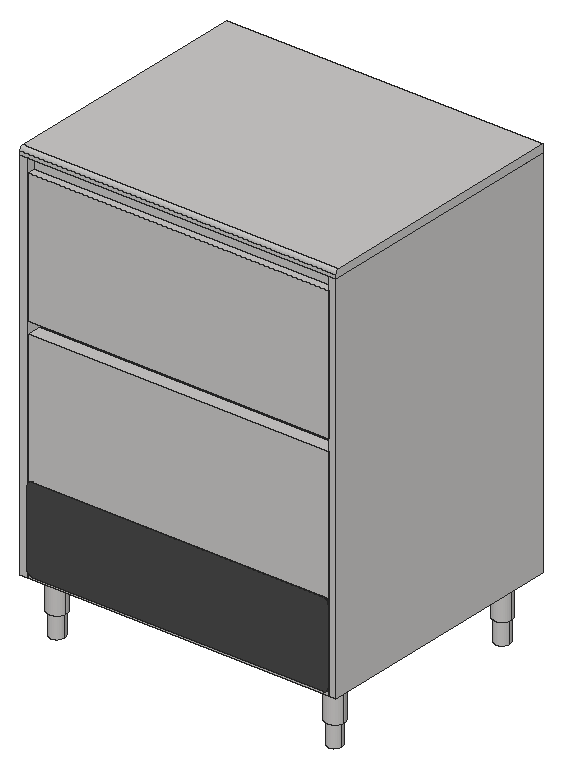
Revit family "QF_ZANUSSI_730334_ICC155I75SNP", category Attrezzature speciali, Revit 2018
Family settings
  Quota connettore circolare = Usa diametro
  Tipo di parte = Normale
  Basato su piano di lavoro = No
  Sempre verticale = Sì
  Taglio con vuoti quando caricato = No
  Condiviso = No
  Punto di calcolo locali = No
Parameters (values of type "Standard")
  Weight = 95.00 kg
  Watts = 0 W
  Volts = 220 V
  URL Manufacturer = "http://www.zanussiprofessional.com"
  URL = "http://www.zanussiprofessional.com"
  Steam Supply Size = 0 mm
  Steam Supply Minimum Pressure = 0.0 Pa
  Steam Supply Maximum Pressure = 0.0 Pa
  Steam Pounds per Hour = 0
  Show Logo [instance] = yes
  Show Clearance [instance] = yes
  Refrigeration Suction Line Size = 0 mm
  Refrigeration Liquid Line Size = 0 mm
  Refrigerant Compressor Remote = yes
  Produttore = "Zanussi"
  Phase = 1
  Modello = "ICC155I75SNP"
  Length Actual = 860 mm  # constant formula
  Item Number = "730334"
  Hot Water Size = 0 mm
  Height Actual = 1149 mm  # constant formula
  HP = "0 HP"
  Gas Size = 0 mm
  Gas KW = 0
  Gas Input Pressure = 0 W
  Descrizione = "WATER COOLED ICE CUBER 40GR 155KG/24H-BIN 75KG"
  Depth Actual = 700 mm  # constant formula
  Cycle = 50 Hz
  Condensate Return Size = 0 mm
  Compressed Air Volume = 0.0 L/s
  Compressed Air Size = 0 mm
  Compressed Air Pressure = 0.0 Pa
  Cold Water Size = 19.05 mm
  Accessory = yes
Reference planes
  plane 1 "Center X": y = 272.851
  plane 2: z = 0
  plane 3 "Center Y": x = -501.5
  plane 4 "LEFT": x = -931.5
  plane 5 "RIGHT": x = -71.5
  plane 6 "FRONT": y = -77.649
  plane 7 "BACK": y = 623.351
  plane 8: z = 154
  plane 9: z = 1198
  plane 10: z = 1178
  plane 11: x = -911.5
  plane 12: x = -91.5
  plane 13: y = -37.649
Forms (mm)
  Extrusion 1, solid, material "QF_Finishes_Black"
    sketch origin (-217.296, -77.649, 371.513) x (-1, 0, 0) y (0, 0, -1)
      loop
        arc (679.204, -20.487) -> (689.811, -16.093) -> (694.204, -5.487) r 15
        line (694.204, -5.487) -> (694.204, 195.469)
        arc (694.204, 195.469) -> (689.811, 206.075) -> (679.204, 210.469) r 15
        line (679.204, 210.469) -> (-110.796, 210.469)
        arc (-110.796, 210.469) -> (-121.403, 206.075) -> (-125.796, 195.469) r 15
        line (-125.796, 195.469) -> (-125.796, -5.487)
        arc (-125.796, -5.487) -> (-121.403, -16.093) -> (-110.796, -20.487) r 15
        line (-110.796, -20.487) -> (679.204, -20.487)
    from 0 to 2
  Extrusion 2, solid, material "QF_Finishes_Stainless Steel"
    sketch origin (-501.5, 0, 0) x (0, 1, 0) y (0, 0, 1)
      loop
        line (623.351, 1178) -> (623.351, 1198) -> (-67.649, 1198)
        arc (-67.649, 1198) -> (-74.72, 1195.071) -> (-77.649, 1188) r 10
        line (-77.649, 1188) -> (-77.649, 1178) -> (623.351, 1178)
    from -430 to 430
  Extrusion 3, solid, material "QF_Finishes_Stainless Steel"
    sketch origin (-519.2, 623.351, -284.545) x (1, 0, 0) y (0, 0, -1)
      loop
        circle (378.2, -654.545) r 10
    from 0 to 10
  Extrusion 4, solid, material "QF_Finishes_Stainless Steel"
    sketch origin (0, 0, 0) x (1, 0, 0) y (0, 1, 0)
      loop
        line (-931.5, 623.351) -> (-931.5, -77.649) -> (-911.5, -77.649) -> (-911.5, 623.351) -> (-931.5, 623.351)
    from 154 to 1178
  Extrusion 5, solid, material "QF_Finishes_Stainless Steel"
    sketch origin (0, 0, 0) x (1, 0, 0) y (0, 1, 0)
      loop
        line (-91.5, 623.351) -> (-91.5, -77.649) -> (-71.5, -77.649) -> (-71.5, 623.351) -> (-91.5, 623.351)
    from 154 to 1178
  Extrusion 6, solid, material "QF_Finishes_Stainless Steel"
    sketch origin (0, 0, 0) x (1, 0, 0) y (0, 1, 0)
      loop
        line (-911.5, 623.351) -> (-911.5, -37.649) -> (-91.5, -37.649) -> (-91.5, 623.351) -> (-911.5, 623.351)
    from 154 to 1178
  Extrusion 7, solid, material "QF_Finishes_Stainless Steel"
    sketch origin (0, 0, 0) x (1, 0, 0) y (0, 1, 0)
      loop
        line (-911.5, -77.649) -> (-91.5, -77.649) -> (-91.5, -37.649) -> (-911.5, -37.649) -> (-911.5, -77.649)
    from 154 to 748.657
  Extrusion 8, solid, material "QF_Finishes_Stainless Steel"
    sketch origin (-501.5, 0, 0) x (0, 1, 0) y (0, 0, 1)
      loop
        line (-37.649, 1178) -> (-57.649, 1178) -> (-57.649, 1142) -> (-77.649, 1142) -> (-77.649, 780.633) -> (-57.649, 780.633) -> (-57.649, 765.633) -> (-37.649, 765.633) -> (-37.649, 1178)
    from -410 to 410
  Extrusion 9, solid, material "QF_Finishes_Stainless Steel"
    sketch origin (-504.7, 623.351, -432.545) x (1, 0, 0) y (0, 0, -1)
      loop
        circle (378.2, -654.545) r 10
    from 0 to 10
  Extrusion 10, solid, material "QF_Finishes_Stainless Steel"
    sketch origin (-560.2, 623.351, -316.545) x (1, 0, 0) y (0, 0, -1)
      loop
        circle (378.2, -654.545) r 10
    from 0 to 10
Lines and regions (mm)
  Split face 1
    outline origin (-501.5, -57.649, 1178) x (0, 0, -1) y (1, 0, 0)
      loop
        line (5.715, 287.428) -> (30.715, 287.428) -> (30.715, 327.428) -> (5.715, 327.428) -> (5.715, 287.428)
  symbolic lines
    curve 1: line (-931.5, 623.351, 0) -> (-71.5, 623.351, 0)
    curve 2: line (-931.5, -77.649, 0) -> (-931.5, 623.351, 0)
    curve 3: line (-71.5, -77.649, 0) -> (-931.5, -77.649, 0)
    curve 4: line (-71.5, 623.351, 0) -> (-71.5, -77.649, 0)
Dimensions and locks
  equal spacing: plane 4 "LEFT", plane 3 "Center Y", plane 5 "RIGHT"
  plane 4 "LEFT" to plane 5 "RIGHT" = 860 mm
  equal spacing: plane 7 "BACK", plane 1 "Center X", plane 6 "FRONT"
  plane 7 "BACK" to plane 6 "FRONT" = 701 mm
  plane 8 to plane 2 = 154 mm
  plane 9 to plane 8 = 1044 mm
  locked: plane 4 "LEFT" to plane 11 at 20
  locked: plane 12 to plane 5 "RIGHT" at 20
  locked: plane 9 to plane 10 at 20
  locked: plane 13 to plane 6 "FRONT" at 40
  aligned and locked: level to plane 2
  aligned and locked: plane 5 "RIGHT" to Extrusion 2
  aligned and locked: Extrusion 2 to plane 4 "LEFT"
  aligned and locked: Extrusion 4 sketch curve to Extrusion 2  (x2)
  aligned and locked: plane 6 "FRONT" to Extrusion 4 sketch curve
  aligned and locked: Extrusion 4 sketch curve to plane 11
  aligned and locked: Extrusion 5 sketch curve to plane 7 "BACK"
  aligned and locked: plane 12 to Extrusion 5 sketch curve
  aligned and locked: Extrusion 5 sketch curve to Extrusion 2  (x2)
  aligned and locked: plane 10 to Extrusion 4
  aligned and locked: plane 10 to Extrusion 5
  aligned and locked: Extrusion 4 to plane 8
  aligned and locked: Extrusion 5 to plane 8
  aligned and locked: Extrusion 6 sketch curve to Extrusion 4
  aligned and locked: Extrusion 4 to Extrusion 6 sketch curve
  aligned and locked: plane 13 to Extrusion 6 sketch curve
  aligned and locked: Extrusion 6 sketch curve to plane 12
  aligned and locked: plane 10 to Extrusion 6
  aligned and locked: Extrusion 6 to plane 8
  aligned and locked: Extrusion 4 to Extrusion 7 sketch curve
  aligned and locked: Extrusion 7 sketch curve to Extrusion 4
  aligned and locked: plane 13 to Extrusion 7 sketch curve
  aligned and locked: plane 12 to Extrusion 7 sketch curve
  aligned and locked: Extrusion 7 to plane 8
  aligned and locked: plane 12 to Extrusion 8
  aligned and locked: Extrusion 8 to plane 11
Automatic sketch dimensions
  curve 3 to plane 4 "LEFT" = 0 mm
  curve 3 to plane 5 "RIGHT" = 0 mm
  curve 3 to plane 6 "FRONT" = 0 mm
  curve 2 to plane 7 "BACK" = 0 mm
  Extrusion 1 sketch curve to plane 12 = 0 mm
  plane 8 to Extrusion 1 sketch curve = 7.044 mm
  Extrusion 1 sketch curve to Extrusion 1 sketch curve = 15 mm  (x3)
  plane 11 to Extrusion 1 sketch curve = 15 mm  (x2)
  Extrusion 1 sketch curve to Extrusion 1 sketch curve = 200.956 mm
  Extrusion 2 sketch curve to plane 6 "FRONT" = 0 mm
  Extrusion 2 sketch curve to plane 9 = 0 mm
  Extrusion 2 sketch curve to plane 7 "BACK" = 0 mm
  Extrusion 2 sketch curve to plane 10 = 0 mm
  plane 6 "FRONT" to Extrusion 2 sketch curve = 10 mm
  Extrusion 6 to Extrusion 3 sketch curve = 216 mm
  Extrusion 3 sketch curve to Extrusion 6 = 49.5 mm
  Split face 1 sketch curve to Extrusion 8 = 5.715 mm
  Extrusion 8 to Split face 1 sketch curve = 5.285 mm
  Split face 1 sketch curve to Extrusion 8 = 122.572 mm
  Split face 1 sketch curve to Split face 1 sketch curve = 40 mm
  Extrusion 9 sketch curve to Extrusion 6 = 35 mm
  Extrusion 6 to Extrusion 9 sketch curve = 68 mm
  Extrusion 10 sketch curve to Extrusion 6 = 90.5 mm
  Extrusion 6 to Extrusion 10 sketch curve = 184 mm
  Extrusion 8 sketch curve to plane 6 "FRONT" = 0 mm
  Extrusion 8 sketch curve to plane 10 = 0 mm
  Extrusion 8 sketch curve to plane 13 = 0 mm
  plane 6 "FRONT" to Extrusion 8 sketch curve = 20 mm
  Extrusion 8 sketch curve to Extrusion 8 sketch curve = 20 mm
  Extrusion 8 sketch curve to plane 10 = 36 mm
  Extrusion 8 sketch curve to Extrusion 8 sketch curve = 361.367 mm
  Extrusion 8 sketch curve to Extrusion 8 sketch curve = 15 mm
  radius of Extrusion 3 sketch curve = 10 mm
  radius of Extrusion 9 sketch curve = 10 mm
  radius of Extrusion 10 sketch curve = 10 mm
Nested families
  nested 1: "Foot_Complete" at (-879.5, -17.649, 0), type "Foot_Complete"
  nested 2: "Foot_Complete" at (-123.5, -17.649, 0) x (-1, 0, 0) z (0, 0, 1), type "Foot_Complete"
  nested 3: "Foot_Complete" at (-879.5, 552.351, 0), type "Foot_Complete"
  nested 4: "Foot_Complete" at (-123.5, 552.351, 0) x (-1, 0, 0) z (0, 0, 1), type "Foot_Complete"
Connectors
  electrical at (-126.5, 633.351, 222), driven by "Volts"
    settings: on Extrusion 9, index 1, voltage 220 V, apparent load 0 VA, apparent load phase1 0 VA, apparent load phase2 0 VA, apparent load phase3 0 VA, power factor 1, load classification "Altro", number of poles 1, system type 30, power factor state 1, is connector primary yes, connector utility no, sub classification motor no, connector description "Electrical Connection"
  piping at (-141, 633.351, 370), diameter 20
    settings: on Extrusion 3, index 2, connector inside diameter 609.6 mm, connector length 0 mm, flow factor 0, pipe flow 0.0 L/s, pressure drop 0.0 Pa, fitting loss kfactor 0, connector angle 0.00°, fixture units 0, engagement length 0 mm, angle of deflection 0.00°, flow configuration 0, flow direction 0, fitting loss method 0, system type 20, joint type 0, gender type 0, connector reference index -1, connector utility 0, adjustable connector no, is connector primary yes, connector description "Cold water"
  piping at (-182, 633.351, 338), diameter 20
    settings: on Extrusion 10, index 3, connector inside diameter 609.6 mm, connector length 0 mm, flow factor 0, pipe flow 0.0 L/s, pressure drop 0.0 Pa, fitting loss kfactor 0, connector angle 0.00°, fixture units 0, engagement length 0 mm, angle of deflection 0.00°, flow configuration 0, flow direction 0, fitting loss method 0, system type 16, joint type 0, gender type 0, connector reference index -1, connector utility 0, adjustable connector no, is connector primary no, connector description "Drain"
Definition of nested family "Foot_Complete"
  Parameters (values of type "Foot_Complete")
    R = 25 mm
    H = 153 mm
  Reference planes
    plane 1 "Centro (Fronte/Retro)": y = 0
    plane 2: z = 0
    plane 3 "Centro (Sinistra/Destra)": x = 0
    plane 4: z = 153
  Forms (mm)
    Revolve 1, solid
      sketch origin (255.05, 0, 608.09) x (0, 0, 1) y (-1, 0, 0)
        loop
          line (-608.09, 255.05) -> (-608.09, 235.05) -> (-548.09, 235.05) -> (-548.09, 230.05) -> (-455.09, 230.05) -> (-455.09, 255.05) -> (-608.09, 255.05)
        axis (-608.09, 255.05) -> (-455.09, 255.05)
      angle from 0 to 360
  Dimensions and locks
    level to Revolve 1 sketch curve = 60 mm
    "R": Revolve 1 sketch curve to plane 3 "Centro (Sinistra/Destra)"
    "H": plane 4 to level
    aligned and locked: level to plane 2
    aligned and locked: plane 4 to Revolve 1 sketch curve
    aligned and locked: Revolve 1 sketch curve to level
    aligned and locked: plane 3 "Centro (Sinistra/Destra)" to Revolve 1 sketch curve
  Automatic sketch dimensions
    Revolve 1 sketch curve to plane 3 "Centro (Sinistra/Destra)" = 0 mm
    plane 3 "Centro (Sinistra/Destra)" to Revolve 1 sketch curve = 20 mm
    Revolve 1 sketch curve to Revolve 1 sketch curve = 50 mm
    Revolve 1 sketch curve to Revolve 1 sketch curve = 20 mm
